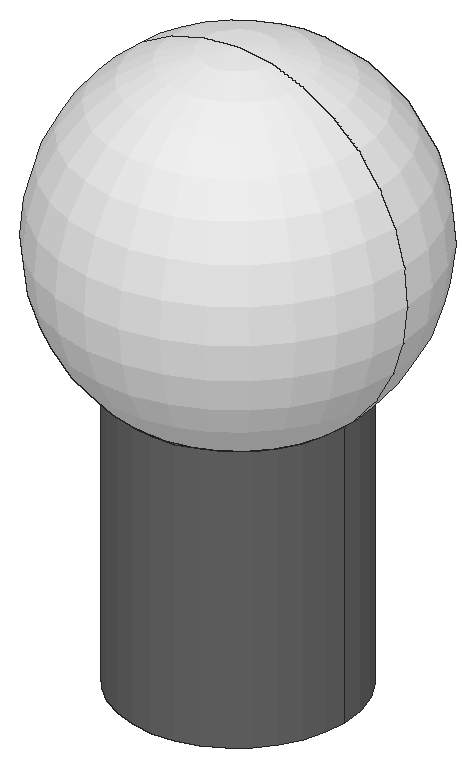
Revit family "ARKOSLIGHT_Alaska Trimless", category Lighting Fixtures, host Face, Revit 2019
Family settings
  Host = Face
  Round Connector Dimension = Use Diameter
  Part Type = Normal
  Cut with Voids When Loaded = No
  Light Source = No
  Shared = No
  Room Calculation Point = No
Parameters (values of type "A4010000N - ALASKA TRIMLESS 2700K N")
  URL = "https://www.arkoslight.com/en/product/alktrim-es/alktrim1-es/"
  Model = ARKOSLIGHT_Model  # "ALASKA TRIMLESS"
  Manufacturer = "ARKOSLIGHT"  # constant formula
  IES = IES : A4010000N - ALASKA TRIMLESS 2700K N
  ARKOSLIGHT_User extension [instance] = 0 mm
  ARKOSLIGHT_Extension [instance] = if(ARKOSLIGHT_User extension < 15 mm, 0 mm, if(ARKOSLIGHT_User extension > 15 mm, 15 mm, ARKOSLIGHT_User extension))  # 0 mm
  ARKOSLIGHT_Wattage = 4.5 W
  ARKOSLIGHT_IP = "20"
  ARKOSLIGHT_Series = "ALASKA TRIMLESS"  # constant formula
  ARKOSLIGHT_Dimming = "No Dim / DALI"
  ARKOSLIGHT_Model = "ALASKA TRIMLESS"  # constant formula
  ARKOSLIGHT_Reference = "A4010000N"
  ARKOSLIGHT_Luminous flux = 475 lm
  ARKOSLIGHT_IES = "A401-00-00 ALASKA TRIMLESS 2700K CRI90.ies"
  ARKOSLIGHT_Color = "Black"
  ARKOSLIGHT_Fixture Type = "CEILING RECESSED"  # constant formula
  ARKOSLIGHT_Efficiency = "30%"
  ARKOSLIGHT_CCT = 2700 K
  ARKOSLIGHT_CRI = "CRI>90"
  ARKOSLIGHT_Beam Angle = 21.00°
  ARKOSLIGHT_Body Color = ARKOSLIGHT_Black
  Default Elevation = 0 mm
  Apparent Load = ARKOSLIGHT_Apparent Load  # 4.5 VA
  ARKOSLIGHT_Apparent Load = 4.5 VA
Types (2, lengths in mm): name | IES | ARKOSLIGHT_Reference | ARKOSLIGHT_Luminous flux | ARKOSLIGHT_IES | ARKOSLIGHT_CCT
  A4010000N - ALASKA TRIMLESS 2700K N | IES : A4010000N - ALASKA TRIMLESS 2700K N | "A4010000N" | 475 lm | "A401-00-00 ALASKA TRIMLESS 2700K CRI90.ies" | 2700 K
  A4010001N - ALASKA TRIMLESS 3000K N | IES : A4010001N - ALASKA TRIMLESS 3000K N | "A4010001N" | 500 lm | "A401-00-01 ALASKA TRIMLESS 3000K CRI90.ies" | 3000 K
Reference planes
  plane 1 "Center (Front/Back)": y = 0
  plane 2: z = 0
  plane 3 "Center (Left/Right)": x = 0
  plane 4: z = 0
  plane 5: z = 1
  plane 6: z = -39
  plane 7: z = 44.471
Forms (mm)
  Revolve 1, solid, material "ARKOSLIGHT_Black" <- "ARKOSLIGHT_Body Color"
    sketch origin (0, 0, -2044.609) x (1, 0, 0) y (0, 0, 1)
      loop
        line (0, 2044.609) -> (0, 2005.609) -> (15.759, 2005.609) -> (15.759, 2044.609) -> (0, 2044.609)
      axis (0, 2044.609) -> (0, 2005.609)
    angle from 0 to 360
  Revolve 2, void
    sketch origin (0, 0, -2044.609) x (1, 0, 0) y (0, 0, 1)
      loop
        line (0, 2045.609) -> (0, 2000.609) -> (15.759, 2000.609) -> (15.759, 2045.609) -> (0, 2045.609)
      axis (0, 2045.609) -> (0, 2000.609)
    angle from 0 to 360
Dimensions and locks
  "ARKOSLIGHT_Extension": plane 4 to plane 2
  locked: plane 5 to plane 2 at 1
  locked: plane 5 to plane 6 at 40
  locked: plane 7 to plane 4 at 44.471
  aligned and locked: plane 2 to host face
  aligned and locked: level to host face
  aligned and locked: plane 6 to Revolve 1
  aligned and locked: plane 4 to Revolve 1 sketch curve
Automatic sketch dimensions
  host sketch curve to host sketch curve = 3890.773 mm
  host sketch curve to host sketch curve = 3990.011 mm
  Revolve 1 sketch curve to plane 3 "Center (Left/Right)" = 0 mm  (x2)
  Revolve 1 sketch curve to plane 6 = 0 mm
  plane 3 "Center (Left/Right)" to Revolve 1 sketch curve = 15.759 mm
  Revolve 1 sketch curve to plane 6 = 2614.209 mm
  plane 7 to Revolve 1 sketch curve = 612.696 mm
  Revolve 2 sketch curve to plane 3 "Center (Left/Right)" = 0 mm  (x2)
  Revolve 2 sketch curve to plane 5 = 0 mm
  plane 3 "Center (Left/Right)" to Revolve 2 sketch curve = 15.759 mm
  Revolve 2 sketch curve to plane 6 = 5 mm
  Revolve 2 sketch curve to Revolve 2 sketch curve = 2609.209 mm
  plane 7 to Revolve 2 sketch curve = 598.143 mm
Nested families
  nested 1: "IES" at (0, 0, 44.471), type <- "IES", type "A4010000N - ALASKA TRIMLESS 2700K N"
  nested 2: "Alaska Trimless" at (0, 0, 0), type "ALASKA TRIMLESS"
Connectors
  electrical at (0, 0, 0), driven by "Apparent Load"
    settings: on host face, index 1, voltage 230 V, apparent load 0 VA, apparent load phase1 4.5 VA, apparent load phase2 0 VA, apparent load phase3 0 VA, power factor 1, load classification "Lighting", number of poles 1, system type 31, power factor state 1, is connector primary yes, connector utility no, sub classification motor no, connector description ""
Definition of nested family "Alaska Trimless"
  Parameters (values of type "ALASKA TRIMLESS")
    URL = "https://www.arkoslight.com/en/product/alktrim-es/alktrim1-es/"
    Model = "ALASKA TRIMLESS"
    Manufacturer = "ARKOSLIGHT"  # constant formula
    ARKOSLIGHT_Body Color = none
    Default Elevation = 0 mm
    Apparent Load = 4.5 VA
  Reference planes
    plane 1 "Center (Front/Back)": y = 0
    plane 2: z = 0
    plane 3 "Center (Left/Right)": x = 0
  Forms (mm)
    Extrusion 1, solid
      sketch origin (0, 0, 0) x (1, 0, 0) y (0, 1, 0)
        loop
          line (-2671.573, 2770.811) -> (-2671.573, -1219.2) -> (1219.2, -1219.2) -> (1219.2, 2770.811) -> (-2671.573, 2770.811)
      from 0 to -50
    Revolve 2, solid
      sketch origin (0, 0, -2060.141) x (1, 0, 0) y (0, 0, 1)
        loop
          line (0, 2104.609) -> (0, 2103.809)
          arc (0, 2103.809) -> (23.781, 2084.095) -> (8.815, 2057.072) r 24.2
          arc (8.815, 2057.072) -> (8.83, 2056.649) -> (8.843, 2056.226) r 238.597
          arc (8.843, 2056.226) -> (24.593, 2084.104) -> (0, 2104.609) r 25
        axis (0, 2104.609) -> (0, 2056.226)
      angle from 0 to 360
    Revolve 3, solid
      sketch origin (0, 0, -2060.141) x (1, 0, 0) y (0, 0, 1)
        loop
          line (0, 2088.293) -> (0, 2054.609)
          arc (0, 2054.609) -> (4.495, 2055.017) -> (8.843, 2056.226) r 25
          arc (8.843, 2056.226) -> (8.057, 2069.415) -> (6.541, 2082.54) r 238.597
          arc (6.541, 2082.54) -> (4.332, 2086.623) -> (0, 2088.293) r 6.707
        axis (0, 2088.293) -> (0, 2054.609)
      angle from 0 to 360
  Dimensions and locks
    aligned and locked: plane 2 to Extrusion 1
    aligned and locked: level to Extrusion 1
    aligned and locked: Revolve 2 sketch curve to plane 3 "Center (Left/Right)"  (x2)
Definition of nested family "IES"
  Parameters (values of type "A4010001N - ALASKA TRIMLESS 3000K N")
    Wattage = 4.5 W
    built-in parameter 1150110 = 1 (stored number, unit not read)
    URL = "https://www.arkoslight.com/en/product/alktrim-es/alktrim1-es/"
    built-in parameter 1114217 = 1 (stored number, unit not read)
    Tilt Angle = 90.00°
    built-in parameter 1150109 = 1 (stored number, unit not read)
    built-in parameter 1150134 = 3
    built-in parameter 1150113 = 1 (stored number, unit not read)
    Photometric Web File = "A401-00-01 ALASKA TRIMLESS 3000K CRI90.ies"
    Model = ARKOSLIGHT_Model  # "ALASKA TRIMLESS"
    Manufacturer = "ARKOSLIGHT"  # constant formula
    built-in parameter 1150105 = 109.82 (stored number, unit not read)
    Lumens = 500 lm
    built-in parameter 1150115 = 1 (stored number, unit not read)
    built-in parameter 1150137 = (empty or 0)
    built-in parameter 1150139 = (empty or 0)
    built-in parameter 1150112 = 1 (stored number, unit not read)
    built-in parameter 1150114 = 1 (stored number, unit not read)
    built-in parameter 1150132 = (empty or 0)
    built-in parameter 1150102 = (empty or 0)
    built-in parameter 1150107 = 3000 (stored number, unit not read)
    built-in parameter 1150138 = (empty or 0)
    built-in parameter 1150106 = 1.0982 (stored number, unit not read)
    built-in parameter 1150104 = 13.8 (stored number, unit not read)
    Dimming Lamp Color Temperature Shift = (empty or 0)
    Color Filter = 16777215
    built-in parameter 1114218 = 1 (stored number, unit not read)
    built-in parameter 1150133 = 10 (stored number, unit not read)
    ARKOSLIGHT_Wattage = 4.5 W
    ARKOSLIGHT_IP = "20"
    ARKOSLIGHT_Series = "ALASKA TRIMLESS"  # constant formula
    ARKOSLIGHT_Dimming = "No Dim / DALI"
    ARKOSLIGHT_Model = "ALASKA TRIMLESS"  # constant formula
    ARKOSLIGHT_Reference = "A4010001N"
    ARKOSLIGHT_Luminous flux = 500 lm
    ARKOSLIGHT_IES = "A401-00-01 ALASKA TRIMLESS 3000K CRI90.ies"
    ARKOSLIGHT_Fixture Type = "CEILING RECESSED"  # constant formula
    ARKOSLIGHT_Efficiency = "30%"
    ARKOSLIGHT_CCT = 3000 K
    ARKOSLIGHT_CRI = "CRI>90"
    ARKOSLIGHT_Beam Angle = 21.00°
    Default Elevation = 0 mm
    Apparent Load = ARKOSLIGHT_Apparent Load  # 4.5 VA
    ARKOSLIGHT_Apparent Load = 4.5 VA
  Types (2, lengths in mm): name | Photometric Web File | Lumens | built-in parameter 1150107 | ARKOSLIGHT_Reference | ARKOSLIGHT_Luminous flux | ARKOSLIGHT_IES | ARKOSLIGHT_CCT
    A4010000N - ALASKA TRIMLESS 2700K N | "A401-00-00 ALASKA TRIMLESS 2700K CRI90.ies" | 475 lm | 2700 (stored number, unit not read) | "A4010000N" | 475 lm | "A401-00-00 ALASKA TRIMLESS 2700K CRI90.ies" | 2700 K
    A4010001N - ALASKA TRIMLESS 3000K N | "A401-00-01 ALASKA TRIMLESS 3000K CRI90.ies" | 500 lm | 3000 (stored number, unit not read) | "A4010001N" | 500 lm | "A401-00-01 ALASKA TRIMLESS 3000K CRI90.ies" | 3000 K
  Reference planes
    plane 1 "Center (Front/Back)": y = 0
    plane 2: z = 0
    plane 3 "Center (Left/Right)": x = 0
  Forms (mm)
    Extrusion 1, solid
      sketch origin (0, 0, 0) x (1, 0, 0) y (0, 1, 0)
        loop
          line (-2671.573, 2770.811) -> (-2671.573, -1219.2) -> (1219.2, -1219.2) -> (1219.2, 2770.811) -> (-2671.573, 2770.811)
      from 0 to -50
  Dimensions and locks
    aligned and locked: plane 2 to Extrusion 1
    aligned and locked: level to Extrusion 1
